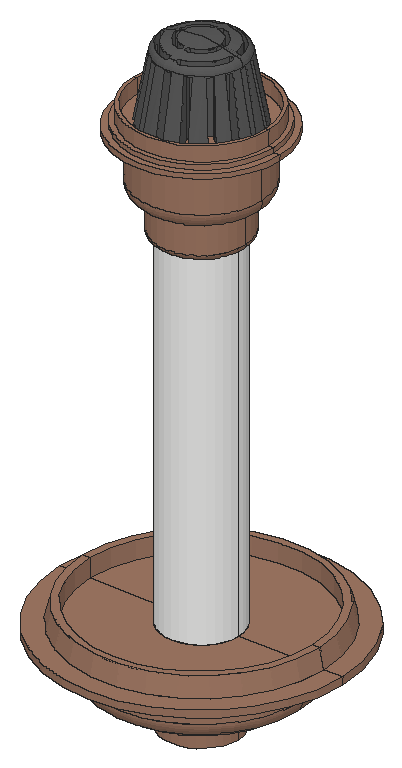
Revit family "Planting_Area_Drain-Jay R. Smith-Round_Type-1909_Series", category Plumbing Fixtures, Revit 2021
Family settings
  Round Connector Dimension = Use Diameter
  Part Type = Normal
  OmniClass Number = 23.70.50.21.24
  OmniClass Title = Waste Water Drains
  Work Plane-Based = Yes
  Always vertical = Yes
  Cut with Voids When Loaded = No
  Shared = No
  Room Calculation Point = No
Parameters (values of type "1909Y04")
  Waste Connection = yes
  WSH-with Seepage Holes in Flashing = no
  Vent Connection = no
  URL = "http://www.jrsmith.com"
  Standpipe Material = Plastic-Jay R Smith-Perforated
  SSM - Standpipe Covered with Stainless Steel Mesh = no
  SP - Solid Standpipe = no
  RBD - Rough Bronze Dome = no
  Product Page URL = "https://www.jrsmith.com/planter-area-drain-multi-levels-1909"
  Product Documentation Link = "https://www.jrsmith.com/uploads/fileLibrary/d1909.pdf"
  Perforated Pipe Diameter = 4"  # constant formula
  Model = "1909Y04"
  Material = "Cast Iron-Jay R Smith-Duco Coated"
  Manufacturer = "Jay R. Smith Mfg. Co. "  # constant formula
  LXH - Speedi-Set Extra Heavy = no
  L - Speedi-Set Service Weight = no
  Installation Type = "Roof/Floor Mounted"  # constant formula
  HW Connection = no
  G - Galvanized Cast Iron Body & Collar = no
  Finish = Cast Iron-Jay R Smith-Duco Coated
  Dome Material = ABS-Jay R Smith-Black
  Dome Height = 4 1/4"  # constant formula
  Diameter = 15 1/4"  # constant formula
  Description = "Planter Area Drain for Multi-Levels"  # constant formula
  Default Elevation = 0"  # constant formula
  Creation Date = "06/23/2024"  # constant formula
  Connection Size = 4"
  Connection Radius = Connection Size / 2  # 2"
  Connection Outlet Description = "4\" No-HUB Outlet Connection"
  CW Connection = no
  CIDG - Galvanized Cast Iron Dome = no
  CID - Cast Iron Dome = no
  B Dimension = 5"
  Assembly Code = "D2030300"
  AD - Aluminum Dome = no
Types (9): name | Model | Connection Size | Connection Radius | Connection Outlet Description | B Dimension
  1909Y02 | "1909Y02" | 2" | 1" | "2\" No-HUB Outlet Connection" | 5"
  1909Y03 | "1909Y03" | 3" | 1 1/2" | "3\" No-HUB Outlet Connection" | 5"
  1909Y04 | "1909Y04" | 4" | 2" | "4\" No-HUB Outlet Connection" | 5"
  1909C02 | "1909C02" | 2" | 1" | "2\" Caulk Outlet Connection" | 5"
  1909C03 | "1909C03" | 3" | 1 1/2" | "3\" Caulk Outlet Connection" | 5"
  1909C04 | "1909C04" | 4" | 2" | "4\" Caulk Outlet Connection" | 5"
  1909T02 | "1909T02" | 2" | 1" | "2\" Threaded Outlet Connection" | 3 3/4"
  1909T03 | "1909T03" | 3" | 1 1/2" | "3\" Threaded Outlet Connection" | 3 3/4"
  1909T04 | "1909T04" | 4" | 2" | "4\" Threaded Outlet Connection" | 3 3/4"
Reference planes (in)
  plane 1: z = 0
  plane 2: y = 0
  plane 3: x = 0
  plane 4: z = -5
  plane 5: x = -7.625
  plane 6: x = 7.625
  plane 7: x = -4.25
  plane 8: x = 4.25
  plane 9: z = 0
  plane 10: z = 24
  plane 11: z = 28.25
Forms (in)
  Revolve 1, solid, material "Cast Iron-Jay R Smith-Duco Coated" <- "Finish"
    sketch origin (-8.0697, 0, 0) x (-1, 0, 0) y (0, 0, -1)
      loop
        line (-8.0697, 5) -> (-10.0697, 5) -> (-10.0697, 0) -> (-8.0697, 0) -> (-8.0697, 5)
      axis (-8.0697, 0) -> (-8.0697, 5)
    angle from 0 to 360
  Revolve 2, solid, material "Plastic-Jay R Smith-Perforated" <- "Standpipe Material"
    sketch origin (-8.86669, 0, 0) x (1, 0, 0) y (0, 0, 1)
      loop
        line (7.11669, 0) -> (7.11669, 23.5) -> (6.86669, 23.5) -> (6.86669, 0) -> (7.11669, 0)
      axis (8.86669, 23.5) -> (8.86669, 0)
    angle from 0 to 360
  Revolve 3, solid, material "Cast Iron-Jay R Smith-Duco Coated" <- "Finish"
    sketch origin (-1, 0, 0) x (-1, 0, 0) y (0, 0, -1)
      loop
        line (3.25, -24) -> (3.25, -23.75) -> (2.28407, -23.49118) -> (2.28407, -21.46126)
        arc (2.28407, -21.46126) -> (2.01576, -20.84002) -> (1.37954, -20.60945) r 0.85335
        line (1.37954, -20.60945) -> (1.37954, -19)
        arc (1.37954, -19) -> (1.30632, -18.82322) -> (1.12954, -18.75) r 0.25
        line (1.12954, -18.75) -> (-1, -18.75) -> (-1, -24.25) -> (2.47541, -24.25) -> (2.47541, -25) -> (2.65083, -25) -> (2.65083, -24.25) -> (2.90083, -24.25) -> (2.90083, -24) -> (3.25, -24)
      axis (-1, -25) -> (-1, -18.75)
    angle from 0 to 360
  Revolve 4, solid, material "Cast Iron-Jay R Smith-Duco Coated" <- "Finish"
    sketch origin (-4.25, 0, 0) x (-1, 0, 0) y (0, 0, -1)
      loop
        line (-4.25, 3) -> (-4.25, 0) -> (1.75, 0) -> (1.75, -0.96593) -> (2.11618, -0.96593) -> (2.375, 0) -> (3.375, 0) -> (3.375, 0.38503) -> (1.52695, 1.02137)
        arc (1.52695, 1.02137) -> (1.28268, 1.20377) -> (1.18974, 1.49413) r 0.5
        line (1.18974, 1.49413) -> (1.18974, 1.91083)
        arc (1.18974, 1.91083) -> (0.93929, 2.49923) -> (0.34162, 2.72663) r 0.81642
        arc (0.34162, 2.72663) -> (0.29753, 2.91593) -> (0.12229, 3) r 0.22466
        line (0.12229, 3) -> (-4.25, 3)
      axis (-4.25, -0.96593) -> (-4.25, 3)
    angle from 0 to 360
  Revolve 5, solid, material "ABS-Jay R Smith-Black" <- "Dome Material"
    sketch origin (-4.25, 0, 0) x (-1, 0, 0) y (0, 0, -1)
      loop
        line (-2.02092, -27.56353) -> (-1.32824, -24) -> (-4.25, -24) -> (-4.25, -28.25)
        arc (-4.25, -28.25) -> (-3.28948, -28.17263) -> (-2.35373, -27.9425) r 6.00068
        arc (-2.35373, -27.9425) -> (-2.13604, -27.79805) -> (-2.02092, -27.56353) r 0.5
      axis (-4.25, -28.25) -> (-4.25, -24)
    angle from 0 to 360
  Extrusion 6, void
    sketch origin (0.0007, -0.01898, 0) x (1, 0, 0) y (0, 1, 0)
      loop
        arc (0.329, -1.97275) -> (1.41421, -1.41421) -> (1.97275, -0.329) r 2
        arc (1.97275, -0.329) -> (1.87186, -0.18543) -> (1.72678, -0.28413) r 0.12503
        arc (1.72678, -0.28413) -> (1.23744, -1.23744) -> (0.28413, -1.72678) r 1.75
        arc (0.28413, -1.72678) -> (0.18543, -1.87186) -> (0.329, -1.97275) r 0.12503
      loop
        arc (0.20562, -1.23297) -> (0.88388, -0.88388) -> (1.23297, -0.20562) r 1.25
        arc (1.23297, -0.20562) -> (1.12842, -0.06144) -> (0.98577, -0.16809) r 0.12503
        arc (0.98577, -0.16809) -> (0.70453, -0.70968) -> (0.16091, -0.98697) r 1
        arc (0.16091, -0.98697) -> (0.06204, -1.132) -> (0.20562, -1.23297) r 0.12503
      loop
        arc (0.329, 1.97275) -> (0.18543, 1.87186) -> (0.28413, 1.72678) r 0.12503
        arc (0.28413, 1.72678) -> (1.23744, 1.23744) -> (1.72678, 0.28413) r 1.75
        arc (1.72678, 0.28413) -> (1.87186, 0.18543) -> (1.97275, 0.329) r 0.12503
        arc (1.97275, 0.329) -> (1.41421, 1.41421) -> (0.329, 1.97275) r 2
      loop
        arc (0.20562, 1.23297) -> (0.06204, 1.132) -> (0.16091, 0.98697) r 0.12503
        arc (0.16091, 0.98697) -> (0.70453, 0.70968) -> (0.98577, 0.16809) r 1
        arc (0.98577, 0.16809) -> (1.12842, 0.06144) -> (1.23297, 0.20562) r 0.12503
        arc (1.23297, 0.20562) -> (0.88388, 0.88388) -> (0.20562, 1.23297) r 1.25
      loop
        arc (-0.329, -1.97275) -> (-0.18543, -1.87186) -> (-0.28413, -1.72678) r 0.12503
        arc (-0.28413, -1.72678) -> (-1.23744, -1.23744) -> (-1.72678, -0.28413) r 1.75
        arc (-1.72678, -0.28413) -> (-1.87186, -0.18543) -> (-1.97275, -0.329) r 0.12503
        arc (-1.97275, -0.329) -> (-1.41421, -1.41421) -> (-0.329, -1.97275) r 2
      loop
        arc (-0.20562, -1.23297) -> (-0.06204, -1.132) -> (-0.16091, -0.98697) r 0.12503
        arc (-0.16091, -0.98697) -> (-0.70453, -0.70968) -> (-0.98577, -0.16809) r 1
        arc (-0.98577, -0.16809) -> (-1.12842, -0.06144) -> (-1.23297, -0.20562) r 0.12503
        arc (-1.23297, -0.20562) -> (-0.88388, -0.88388) -> (-0.20562, -1.23297) r 1.25
      loop
        arc (-0.329, 1.97275) -> (-1.41421, 1.41421) -> (-1.97275, 0.329) r 2
        arc (-1.97275, 0.329) -> (-1.87186, 0.18543) -> (-1.72678, 0.28413) r 0.12503
        arc (-1.72678, 0.28413) -> (-1.23744, 1.23744) -> (-0.28413, 1.72678) r 1.75
        arc (-0.28413, 1.72678) -> (-0.18543, 1.87186) -> (-0.329, 1.97275) r 0.12503
      loop
        arc (-0.20562, 1.23297) -> (-0.88388, 0.88388) -> (-1.23297, 0.20562) r 1.25
        arc (-1.23297, 0.20562) -> (-1.12842, 0.06144) -> (-0.98577, 0.16809) r 0.12503
        arc (-0.98577, 0.16809) -> (-0.70453, 0.70968) -> (-0.16091, 0.98697) r 1
        arc (-0.16091, 0.98697) -> (-0.06204, 1.132) -> (-0.20562, 1.23297) r 0.12503
    from 23.75 to 28.31722
  Extrusion 7, void
    sketch origin (0, 0, 0) x (1, 0, 0) y (0, 1, 0)
      loop
        line (-0.1875, 3.9178) -> (-0.1875, 1.48513) -> (0.1875, 1.48513) -> (0.1875, 3.9178) -> (-0.1875, 3.9178)
      loop
        line (2.73168, 2.78467) -> (1.01152, 1.06451) -> (1.27669, 0.79934) -> (2.99685, 2.5195) -> (2.73168, 2.78467)
      loop
        line (1.50598, -0.1864) -> (3.93865, -0.1864) -> (3.93865, 0.1886) -> (1.50598, 0.1886) -> (1.50598, -0.1864)
      loop
        line (1.37644, 3.66906) -> (0.46514, 1.41353) -> (0.81284, 1.27305) -> (1.72413, 3.52859) -> (1.37644, 3.66906)
      loop
        line (3.71891, 1.2303) -> (3.57844, 1.57799) -> (1.39149, 0.69441) -> (1.53196, 0.34671) -> (3.71891, 1.2303)
      loop
        line (-2.94392, 2.99691) -> (-3.20909, 2.73174) -> (-1.27669, 0.79934) -> (-1.01152, 1.06451) -> (-2.94392, 2.99691)
      loop
        line (-1.37644, 3.66906) -> (-1.72413, 3.52859) -> (-0.81284, 1.27305) -> (-0.46514, 1.41353) -> (-1.37644, 3.66906)
      loop
        line (-3.71891, 1.2303) -> (-1.53196, 0.34671) -> (-1.39149, 0.69441) -> (-3.57844, 1.57799) -> (-3.71891, 1.2303)
      loop
        line (-1.50598, -0.1864) -> (-1.50598, 0.1886) -> (-3.93865, 0.1886) -> (-3.93865, -0.1864) -> (-1.50598, -0.1864)
      loop
        line (-0.1875, -3.9178) -> (0.1875, -3.9178) -> (0.1875, -1.48513) -> (-0.1875, -1.48513) -> (-0.1875, -3.9178)
      loop
        line (2.73168, -2.78467) -> (2.99685, -2.5195) -> (1.27669, -0.79934) -> (1.01152, -1.06451) -> (2.73168, -2.78467)
      loop
        line (1.37644, -3.66906) -> (1.72413, -3.52859) -> (0.81284, -1.27305) -> (0.46514, -1.41353) -> (1.37644, -3.66906)
      loop
        line (3.71891, -1.2303) -> (1.53196, -0.34671) -> (1.39149, -0.69441) -> (3.57844, -1.57799) -> (3.71891, -1.2303)
      loop
        line (-2.73168, -2.78467) -> (-1.01152, -1.06451) -> (-1.27669, -0.79934) -> (-2.99685, -2.5195) -> (-2.73168, -2.78467)
      loop
        line (-1.37644, -3.66906) -> (-0.46514, -1.41353) -> (-0.81284, -1.27305) -> (-1.72413, -3.52859) -> (-1.37644, -3.66906)
      loop
        line (-3.71891, -1.2303) -> (-3.57844, -1.57799) -> (-1.39149, -0.69441) -> (-1.53196, -0.34671) -> (-3.71891, -1.2303)
    from 24 to 27.51747
Cuts and joins
  Extrusion 6, Extrusion 7 cuts Revolve 5
  Extrusion 7 cuts Revolve 4
Dimensions and locks (in)
  "B Dimension": level to plane 4
  "Diameter": plane 6 to plane 5
  "Connection Radius": Revolve 1 sketch curve to Revolve 1 sketch curve
  locked: Revolve 2 sketch curve to Revolve 2 sketch curve at 0.25
  plane 8 to plane 7 = 8 1/2"
  locked: plane 3 to Revolve 2 sketch curve at 2
  equal spacing: plane 6, plane 3, plane 5
  locked: plane 10 to plane 9 at 24
  "Dome Height": plane 11 to plane 10
  equal spacing: plane 8, plane 3, plane 7
  aligned and locked: plane 3 to Revolve 1 sketch curve  (x2)
  aligned and locked: Revolve 1 sketch curve to plane 4
  aligned and locked: level to Revolve 1 sketch curve
  aligned and locked: plane 3 to Revolve 2 sketch curve
  aligned and locked: Revolve 2 sketch curve to level
  aligned and locked: plane 3 to Revolve 3 sketch curve
  aligned and locked: plane 3 to Revolve 4 sketch curve
  aligned and locked: plane 3 to Revolve 5 sketch curve
  aligned and locked: Extrusion 7 to plane 10
Automatic sketch dimensions
  Revolve 2 sketch curve to plane 10 = 1/2"
  level to Revolve 2 sketch curve = 5 1/2"
  Revolve 2 sketch curve to Revolve 2 sketch curve = 5 1/4"
  plane 3 to Revolve 3 sketch curve = 0"
  Revolve 3 sketch curve to plane 10 = 0"
  plane 7 to Revolve 3 sketch curve = 0"
  plane 7 to Revolve 3 sketch curve = 2.12046"
  Revolve 3 sketch curve to Revolve 3 sketch curve = 1/4"  (x3)
  Revolve 3 sketch curve to Revolve 3 sketch curve = 0.05119"
  plane 7 to Revolve 3 sketch curve = 0.96593"
  plane 7 to Revolve 3 sketch curve = 0.77459"
  Revolve 3 sketch curve to Revolve 3 sketch curve = 0.17543"
  Revolve 3 sketch curve to Revolve 3 sketch curve = 0.34917"
  plane 10 to Revolve 3 sketch curve = 1/4"
  Revolve 3 sketch curve to Revolve 3 sketch curve = 3/4"
  Revolve 3 sketch curve to plane 10 = 0.50882"
  Revolve 3 sketch curve to Revolve 3 sketch curve = 2.02992"
  Revolve 3 sketch curve to Revolve 3 sketch curve = 1.60945"
  plane 11 to Revolve 3 sketch curve = 11"
  Revolve 3 sketch curve to Revolve 3 sketch curve = 4 1/4"
  plane 3 to Revolve 4 sketch curve = 0"
  Revolve 4 sketch curve to level = 0"  (x2)
  Revolve 4 sketch curve to plane 5 = 0"
  Revolve 4 sketch curve to plane 7 = 0.12229"
  Revolve 4 sketch curve to plane 7 = 0.37332"
  Revolve 4 sketch curve to Revolve 4 sketch curve = 209/256"
  Revolve 4 sketch curve to level = 1.02137"
  Revolve 4 sketch curve to Revolve 4 sketch curve = 0.33722"
  Revolve 4 sketch curve to Revolve 4 sketch curve = 1/2"
  Revolve 4 sketch curve to Revolve 4 sketch curve = 0.22305"
  Revolve 4 sketch curve to Revolve 4 sketch curve = 0.36618"
  Revolve 4 sketch curve to Revolve 4 sketch curve = 5/8"
  level to Revolve 4 sketch curve = 0.96593"
  Revolve 4 sketch curve to Revolve 4 sketch curve = 0.38503"
  Revolve 4 sketch curve to Revolve 4 sketch curve = 0.4167"
  Revolve 4 sketch curve to Revolve 4 sketch curve = 0.86451"
  plane 4 to Revolve 4 sketch curve = 2"
  Revolve 4 sketch curve to plane 10 = 11"
  Revolve 4 sketch curve to plane 4 = 2"
  plane 3 to Revolve 5 sketch curve = 0"
  Revolve 5 sketch curve to plane 10 = 0"
  plane 11 to Revolve 5 sketch curve = 0"
  Revolve 5 sketch curve to plane 11 = 0.78188"
  plane 3 to Revolve 5 sketch curve = 1 189/256"
  Revolve 5 sketch curve to plane 11 = 0.68647"
  Revolve 5 sketch curve to Revolve 5 sketch curve = 0.49081"
  plane 7 to Revolve 5 sketch curve = 1.32824"
  Revolve 5 sketch curve to plane 10 = 1.75068"
  plane 11 to Revolve 5 sketch curve = 6"
  Revolve 5 sketch curve to Revolve 5 sketch curve = 1 1/4"
  Extrusion 6 sketch curve to Extrusion 6 sketch curve = 0"  (x266)
  Extrusion 6 sketch curve to plane 2 = 0.32741"  (x2)
  plane 3 to Extrusion 6 sketch curve = 1.84872"
  plane 2 to Extrusion 6 sketch curve = 0.28945"  (x2)
  plane 2 to Extrusion 6 sketch curve = 0.16608"  (x2)
  Extrusion 6 sketch curve to Extrusion 6 sketch curve = 0.73978"  (x4)
  plane 3 to Extrusion 6 sketch curve = 0.30773"  (x2)
  plane 3 to Extrusion 6 sketch curve = 0.18435"  (x2)
  Extrusion 6 sketch curve to plane 3 = 0.0007"
  Extrusion 6 sketch curve to plane 3 = 0.18576"  (x2)
  Extrusion 6 sketch curve to plane 3 = 0.30914"  (x2)
  Extrusion 6 sketch curve to plane 3 = 1.11035"
  Extrusion 6 sketch curve to plane 2 = 1.12862"
  Extrusion 6 sketch curve to plane 2 = 0.20404"  (x2)
  Extrusion 6 sketch curve to plane 2 = 0.01898"
  plane 2 to Extrusion 6 sketch curve = 1.09067"
  Extrusion 6 sketch curve to Extrusion 6 sketch curve = 0.12333"  (x6)
  Extrusion 6 sketch curve to Extrusion 6 sketch curve = 0.12264"  (x4)
  Extrusion 6 sketch curve to Extrusion 6 sketch curve = 0.12387"  (x4)
  Extrusion 6 sketch curve to Extrusion 6 sketch curve = 0.02057"  (x8)
  Extrusion 6 sketch curve to Extrusion 6 sketch curve = 0.02431"  (x6)
  Extrusion 6 sketch curve to Extrusion 6 sketch curve = 0.02415"  (x2)
  plane 7 to Extrusion 7 sketch curve = 0.31135"
  plane 7 to Extrusion 7 sketch curve = 0.53109"  (x2)
  Extrusion 7 sketch curve to Extrusion 7 sketch curve = 0.14048"  (x6)
  Extrusion 7 sketch curve to Extrusion 7 sketch curve = 0.58159"
  Extrusion 7 sketch curve to Extrusion 7 sketch curve = 0.36935"
  Extrusion 7 sketch curve to Extrusion 7 sketch curve = 0.26517"  (x7)
  Extrusion 7 sketch curve to Extrusion 7 sketch curve = 1.21979"
  Extrusion 7 sketch curve to Extrusion 7 sketch curve = 1.00755"  (x3)
  Extrusion 7 sketch curve to plane 2 = 0.34671"  (x2)
  plane 3 to Extrusion 7 sketch curve = 1.53196"
  plane 2 to Extrusion 7 sketch curve = 0.34671"  (x2)
  Extrusion 7 sketch curve to Extrusion 7 sketch curve = 0"
  Extrusion 7 sketch curve to Extrusion 7 sketch curve = 0.02598"  (x3)
  Extrusion 7 sketch curve to Extrusion 7 sketch curve = 0.34769"  (x5)
  Extrusion 7 sketch curve to Extrusion 7 sketch curve = 0.1148"  (x4)
  Extrusion 7 sketch curve to Extrusion 7 sketch curve = 0.19869"  (x4)
  plane 3 to Extrusion 7 sketch curve = 3/16"  (x2)
  Extrusion 7 sketch curve to plane 3 = 3/16"  (x2)
  Extrusion 7 sketch curve to Extrusion 7 sketch curve = 0.27764"  (x2)
  Extrusion 7 sketch curve to plane 2 = 0.79934"
  plane 2 to Extrusion 7 sketch curve = 0.79934"
  Extrusion 7 sketch curve to Extrusion 7 sketch curve = 1.18894"  (x2)
  Extrusion 7 sketch curve to plane 2 = 0.69441"
  plane 2 to Extrusion 7 sketch curve = 0.1886"
  Extrusion 7 sketch curve to Extrusion 7 sketch curve = 0.11449"
  plane 8 to Extrusion 7 sketch curve = 0.67156"  (x2)
  plane 8 to Extrusion 7 sketch curve = 0.31135"
  Extrusion 7 sketch curve to plane 2 = 1.57799"
  Extrusion 7 sketch curve to Extrusion 7 sketch curve = 0.94151"  (x2)
  Extrusion 7 sketch curve to Extrusion 7 sketch curve = 0.74392"  (x2)
  Extrusion 7 sketch curve to Extrusion 7 sketch curve = 0.24873"  (x2)
  Extrusion 7 sketch curve to Extrusion 7 sketch curve = 0.07159"  (x2)
  Extrusion 7 sketch curve to Extrusion 7 sketch curve = 0.16031"
  Extrusion 7 sketch curve to plane 2 = 0.1864"
  Extrusion 7 sketch curve to Extrusion 7 sketch curve = 0.15811"
  Extrusion 7 sketch curve to Extrusion 7 sketch curve = 0.10494"  (x2)
  Extrusion 7 sketch curve to Extrusion 7 sketch curve = 0.20855"  (x2)
  Revolve 1 sketch curve to plane 10 = 5 3/4"
  Revolve 1 sketch curve to plane 4 = 4.64255"
Connectors (in)
  piping at (0, 0, -5), diameter 4, driven by "Connection Size", driven by "Connection Outlet Description"
    settings: on Revolve 1, index 1, connector inside diameter 24", connector length 0", flow factor 0, pipe flow 0 GPM, pressure drop 0.00 psi, fitting loss kfactor 0, connector angle 0.00°, fixture units 0, engagement length 0", angle of deflection 0.00°, flow configuration 0, flow direction 2, fitting loss method 0, system type 16, joint type 0, gender type 0, connector reference index -1, connector utility 0, adjustable connector no, is connector primary yes, connector description "4\" No-HUB Outlet Connection"
